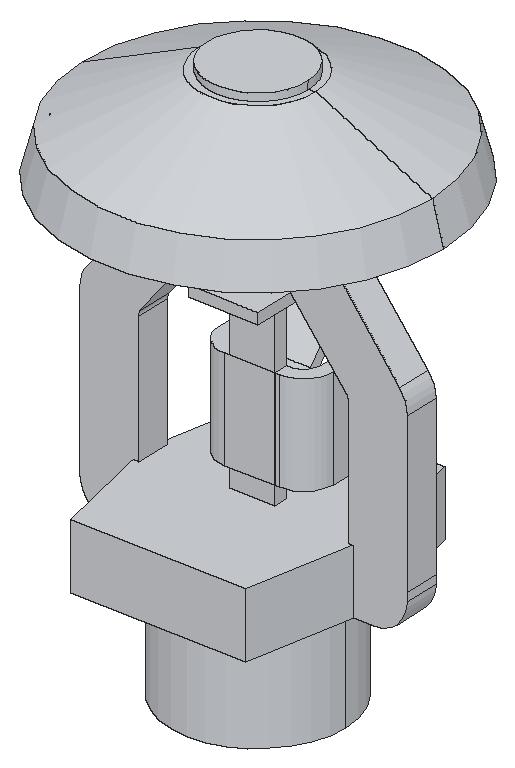
Revit family
Parameters (values of type "RASCO G XLO")
  Temperature Rating = 286 °F
  Response = (empty or 0)
  RASCO SIN # = "R2921"
  RASCO Part # = "GUX3B"
  Pressure Rating = ""
  Pressure Class = (empty or 0)
  Orifice Size = 1/2"
  Orifice = (empty or 0)
  Model = "G XLO"
  Manufacturer = "RASCO"
  K-Factor = 11.2
  Diameter = 3/4"
  Description = "BRASS FINISH"
  Coverage = (empty or 0)
Reference planes (in)
  plane 1 "Center (Front/Back)": y = 0
  plane 2: z = 0
  plane 3 "Center (Left/Right)": x = 0
Nested families (in)
  nested 1: "RASCO- GUX3B" at (0, -3.84102, 0), type "RASCO G XLO"
Connectors (in)
  piping at (0, -3.84102, 0.32204)
    settings: on nested 1, index 1, connector radius 7/16", flow factor 0, pipe flow 0 GPM, pressure drop 0.00 psi, fitting loss kfactor 0, connector angle 0.00°, fixture units 0, flow configuration 0, flow direction 0, fitting loss method 0, system type 7, connector reference index -1, connector utility 0, adjustable connector no, is connector primary yes, fitting loss table "", connector description ""
Definition of nested family "RASCO- GUX3B"
  Parameters (values of type "RASCO G XLO")
    Type Comments = ""
    Temperature Rating = 0 °F
    Response = (empty or 0)
    Pressure Rating = "0"
    Pressure Class = (empty or 0)
    Orifice Size = 0"
    Orifice = (empty or 0)
    Model = ""
    Manufacturer = ""
    K-Factor = 0
    Description = ""
    Coverage = (empty or 0)
    Assembly Code = ""
  Reference planes (in)
    plane 1 "Center (Front/Back)": y = 0
    plane 2: z = 0
    plane 3 "REF.1": z = 0.888
    plane 4 "top": z = 2.8125
    plane 5: x = -0.81624
    plane 6: x = 0.81332
    plane 7 "ref.2": z = 2.12402
    plane 8 "head": z = 2.72724
    plane 9 "left/right center": x = 0
    plane 10 "screw": z = 1.98251
    plane 11 "link2": through (0, -0.02489, 1.21079) normal (0, 0.6767, -0.7363)
    plane 12: z = 3.14204
    plane 13: z = 1.213
  Forms (in)
    Extrusion 1, solid
      sketch origin (0, 0, 0) x (1, 0, 0) y (0, 1, 0)
        loop
          circle (0, 0) r 0.438
      from 0.32204 to 0.888
    Extrusion 2, solid
      sketch origin (0, 0, 0.888) x (-1, 0, 0) y (0, -1, 0)
        loop
          line (-0.43619, -0.62052) -> (0.4375, -0.62052) -> (0.56391, 0) -> (0.4375, 0.62052) -> (-0.43619, 0.62052) -> (-0.56259, 0) -> (-0.43619, -0.62052)
      from 0 to 0.325
    Extrusion 3, solid
      sketch origin (0, 0, 0) x (1, 0, 0) y (0, 0, 1)
        loop
          line (-0.5221, 0.888) -> (-0.5221, 1.098) -> (-0.5221, 1.86141)
          arc (-0.5221, 1.86141) -> (-0.5194, 1.87757) -> (-0.51161, 1.89198) r 0.04979
          line (-0.51161, 1.89198) -> (-0.21764, 2.26989) -> (-0.00066, 2.26989) -> (0.20278, 2.26989) -> (0.5115, 1.87435)
          arc (0.5115, 1.87435) -> (0.51938, 1.85983) -> (0.5221, 1.84354) r 0.05007
          line (0.5221, 1.84354) -> (0.5221, 1.098) -> (0.5221, 0.888) -> (0.64763, 0.888)
          arc (0.64763, 0.888) -> (0.76676, 0.93734) -> (0.8161, 1.05647) r 0.16847
          line (0.8161, 1.05647) -> (0.8161, 1.098) -> (0.8161, 1.88537)
          arc (0.8161, 1.88537) -> (0.80631, 1.94391) -> (0.77801, 1.99608) r 0.17993
          line (0.77801, 1.99608) -> (0.32662, 2.5744) -> (-0.32864, 2.5744) -> (-0.77818, 1.99651)
          arc (-0.77818, 1.99651) -> (-0.80636, 1.94441) -> (-0.8161, 1.88599) r 0.18
          line (-0.8161, 1.88599) -> (-0.8161, 1.098) -> (-0.8161, 1.05594)
          arc (-0.8161, 1.05594) -> (-0.76691, 0.93719) -> (-0.64816, 0.888) r 0.16794
          line (-0.64816, 0.888) -> (-0.5221, 0.888)
      from -0.08649 to 0.08732
    Revolve 4, solid
      sketch origin (0, 0, 0) x (1, 0, 0) y (0, 0, 1)
        loop
          line (-0.00066, 2.81189) -> (-0.32516, 2.81189)
          arc (-0.32516, 2.81189) -> (-0.339, 2.80616) -> (-0.34473, 2.79233) r 0.01957
          line (-0.34473, 2.79233) -> (-0.34473, 2.57443)
          arc (-0.34473, 2.57443) -> (-0.34132, 2.5437) -> (-0.33127, 2.51445) r 0.14031
          line (-0.33127, 2.51445) -> (-0.03397, 2.17619) -> (-0.00066, 2.17619) -> (-0.00066, 2.81189)
        axis (-0.00066, 2.81189) -> (-0.00066, 2.17619)
      angle from 0 to 360
    Extrusion 5, solid
      sketch origin (0, 0, 2.8125) x (-1, 0, 0) y (0, -1, 0)
        loop
          circle (0, 0) r 0.25
      from 0 to 0.32954
    Revolve 6, solid
      sketch origin (0, 0, 0.1087) x (1, 0, 0) y (0, 0, 1)
        loop
          line (0, 2.99714) -> (-0.28784, 2.99714) -> (-0.87155, 2.72724) -> (-0.92653, 2.52204) -> (-0.87833, 2.52204) -> (-0.83546, 2.68206) -> (-0.27232, 2.94244) -> (0, 2.94244) -> (0, 2.99714)
        axis (0, 2.99714) -> (0, 2.52204)
      angle from 0 to 360
    Extrusion 7, solid
      sketch origin (0, 0, 0) x (1, 0, 0) y (0, 0, 1)
        loop
          line (0.10934, 1.213) -> (0.10934, 2.12264) -> (-0.11066, 2.12264) -> (-0.11066, 1.213) -> (0.10934, 1.213)
      from -0.03602 to 0.03346
    Extrusion 8, solid
      sketch origin (0, 0, 0) x (1, 0, 0) y (0, 1, 0)
        loop
          line (-0.13782, -0.03346) -> (0.13824, -0.03346)
          arc (0.13824, -0.03346) -> (0.24228, 0.00963) -> (0.28537, 0.11367) r 0.14713
          line (0.28537, 0.11367) -> (0.28537, 0.36654) -> (0.21637, 0.36654) -> (0.21637, 0.12177)
          arc (0.21637, 0.12177) -> (0.19125, 0.06113) -> (0.13062, 0.03602) r 0.08575
          line (0.13062, 0.03602) -> (-0.12969, 0.03602)
          arc (-0.12969, 0.03602) -> (-0.19046, 0.06119) -> (-0.21563, 0.12195) r 0.08594
          line (-0.21563, 0.12195) -> (-0.21563, 0.36654) -> (-0.28463, 0.36654) -> (-0.28463, 0.11335)
          arc (-0.28463, 0.11335) -> (-0.24163, 0.00954) -> (-0.13782, -0.03346) r 0.14681
      from 1.30472 to 1.80738
    Extrusion 9, solid
      sketch origin (0, 0, 0) x (0, 0, -1) y (0, -1, 0)
        loop
          circle (-1.56307, -0.22442) r 0.13793
      from -0.21637 to 0.21563
    Extrusion 10, solid
      sketch origin (0, 0, 0) x (0, 0, -1) y (0, -1, 0)
        loop
          arc (-2.17619, -0.26024) -> (-2.1058, -0.36958) -> (-1.97714, -0.35076) r 0.12011
          line (-1.97714, -0.35076) -> (-1.74478, -0.14809)
          arc (-1.74478, -0.14809) -> (-1.6682, -0.1024) -> (-1.58045, -0.08649) r 0.25
          line (-1.58045, -0.08649) -> (-1.42416, -0.08649) -> (-1.42416, -0.03602) -> (-1.5818, -0.03602)
          arc (-1.5818, -0.03602) -> (-1.69102, -0.05581) -> (-1.78634, -0.11268) r 0.31117
          line (-1.78634, -0.11268) -> (-1.99985, -0.29891)
          arc (-1.99985, -0.29891) -> (-2.07893, -0.31048) -> (-2.12219, -0.24328) r 0.07382
          line (-2.12219, -0.24328) -> (-2.12219, 0.21398) -> (-2.17619, 0.21398) -> (-2.17619, -0.26024)
      from -0.17291 to 0.17375
  Dimensions and locks (in)
    plane 5 to Extrusion 8 = 0' - 1.10161"
